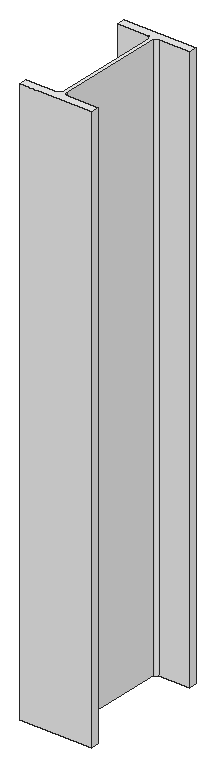
Revit family "CISC Wide Flange Shapes-Column", category 구조 기둥, Revit 2026
Family settings
  단면 모양 = 정의되지 않음
  모델 동작 재료 = 스틸
  항상 형상으로 내보내기 = 아니오
  평면의 보 전환 = 경계 상자에서
  로드될 때 보이드를 사용하여 절단 = 아니오
  기호 표현 = 프로젝트 설정에서
  공유 = 아니오
  평면도에서 미리 절단된 패밀리 표시 = 예
Parameters (values of type "W530X248")
  Assembly Code = ""
  Structural Material [instance] = Metal - Steel - 345 MPa
  A = 0.031 m²
  W = 2.432
  bf = 315 mm
  d = 571 mm
  k = 48.5 mm
  kr = k - tf  # 14 mm
  tf = 34.5 mm
  tw = 19 mm
Reference planes
  plane 1: y = 0
  plane 2: z = 0
  plane 3: x = 0
  plane 4: x = -157.5
  plane 5: x = 157.5
  plane 6: y = 285.5
  plane 7: y = -285.5
  plane 8: x = -3.969
  plane 9: x = 3.969
Forms (mm)
  Extrusion 1, solid, material "Metal - Steel - 345 MPa" <- "Structural Material", detail levels medium
    sketch origin (0, 0, 0) x (1, 0, 0) y (0, 1, 0)
      loop
        line (-157.5, 285.5) -> (-157.5, 251) -> (-9.5, 251) -> (-9.5, -251) -> (-157.5, -251) -> (-157.5, -285.5) -> (157.5, -285.5) -> (157.5, -251) -> (9.5, -251) -> (9.5, 251) -> (157.5, 251) -> (157.5, 285.5) -> (-157.5, 285.5)
    from 0 to 2500
  Extrusion 2, solid, material "Metal - Steel - 345 MPa" <- "Structural Material", detail levels fine
    sketch origin (0, 0, 0) x (1, 0, 0) y (0, 1, 0)
      loop
        line (-157.5, 285.5) -> (-157.5, 251) -> (-23.5, 251)
        arc (-23.5, 251) -> (-13.601, 246.899) -> (-9.5, 237) r 14
        line (-9.5, 237) -> (-9.5, -237)
        arc (-9.5, -237) -> (-13.601, -246.899) -> (-23.5, -251) r 14
        line (-23.5, -251) -> (-157.5, -251) -> (-157.5, -285.5) -> (157.5, -285.5) -> (157.5, -251) -> (23.5, -251)
        arc (23.5, -251) -> (13.601, -246.899) -> (9.5, -237) r 14
        line (9.5, -237) -> (9.5, 237)
        arc (9.5, 237) -> (13.601, 246.899) -> (23.5, 251) r 14
        line (23.5, 251) -> (157.5, 251) -> (157.5, 285.5) -> (-157.5, 285.5)
    from 0 to 2500
Lines and regions (mm)
  symbolic lines, style "StructuralColumnStickSymbols", detail levels coarse
    curve 1: line (-157.5, 285.5, 0) -> (157.5, 285.5, 0)
    curve 2: line (-157.5, -285.5, 0) -> (157.5, -285.5, 0)
    curve 3: line (0, 285.5, 0) -> (0, -285.5, 0)
  symbolic lines, style "Hidden Faces", detail levels medium+fine
    curve 4: line (-3.969, 0, 0) -> (-3.969, 0, 2500)
    curve 5: line (3.969, 0, 2500) -> (3.969, 0, 0)
Dimensions and locks
  equal spacing: plane 4, plane 3, plane 5
  equal spacing: plane 7, plane 1, plane 6
  "d": plane 7 to plane 6
  "bf": plane 4 to plane 5
  "tf": plane 7 to Extrusion 1 sketch curve
  "tf": Extrusion 1 sketch curve to plane 6
  equal spacing: Extrusion 1 sketch curve, plane 3, Extrusion 1 sketch curve
  "tw": Extrusion 1 sketch curve to Extrusion 1 sketch curve
  "kr": radius of Extrusion 2 sketch curve  (x4)
  aligned and locked: plane 6 to Extrusion 1 sketch curve
  aligned and locked: Extrusion 1 sketch curve to plane 7
  aligned and locked: Extrusion 1 sketch curve to plane 4  (x2)
  aligned and locked: plane 5 to Extrusion 1 sketch curve
  aligned and locked: Extrusion 1 sketch curve to plane 5
  aligned and locked: Extrusion 1 sketch curve to Extrusion 1 sketch curve  (x2)
  aligned and locked: level to Extrusion 1
  aligned and locked: level to plane 2
  aligned and locked: Extrusion 1 to plane 2
  aligned and locked: plane 6 to Extrusion 2 sketch curve
  aligned and locked: Extrusion 2 sketch curve to plane 5
  aligned and locked: Extrusion 2 sketch curve to plane 4  (x2)
  aligned and locked: Extrusion 2 sketch curve to Extrusion 1  (x6)
  aligned and locked: Extrusion 2 sketch curve to plane 7
  aligned and locked: plane 5 to Extrusion 2 sketch curve
  aligned and locked: level to Extrusion 2
  aligned and locked: Extrusion 2 to level
Automatic sketch dimensions
  curve 2 to plane 4 = 0 mm
  curve 1 to plane 4 = 0 mm
  curve 3 to plane 3 = 0 mm
  curve 2 to plane 5 = 0 mm
  curve 1 to plane 5 = 0 mm
  curve 3 to plane 7 = 0 mm
  curve 3 to plane 6 = 0 mm
  curve 4 to level = 0 mm  (x2)
  curve 4 to plane 8 = 0 mm
  curve 5 to level = 0 mm  (x2)
  curve 5 to plane 9 = 0 mm
